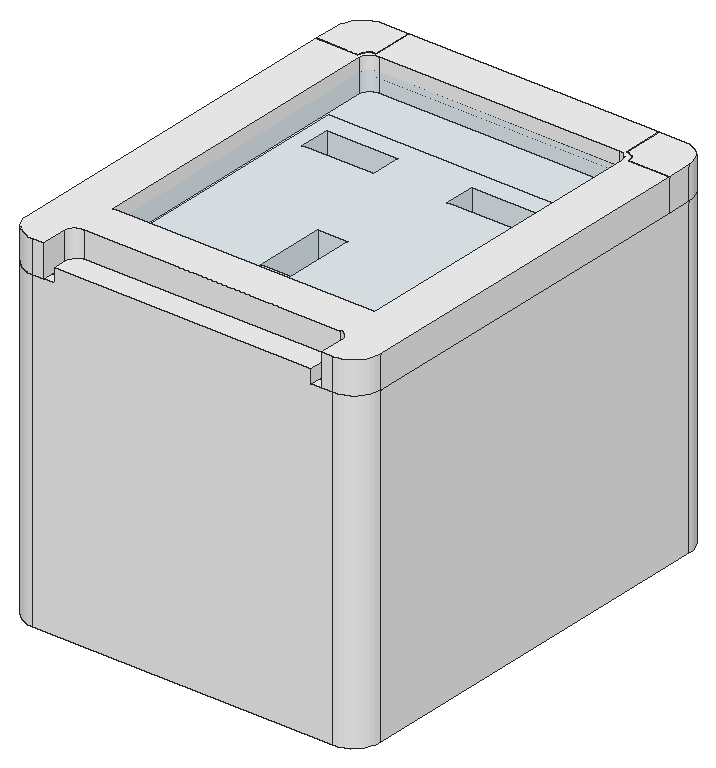
Revit family "Domotics-SerieCivili-GEWISS-27COMBI_SYSTEM-IP55_PRESA_ENG", category Apparecchi elettrici, host Superficie, Revit 2016
Family settings
  Host = Superficie
  Mantenere orientamento annotazione = Sì
  Tipo di parte = Normale
  Quota connettore circolare = Usa diametro
  Taglio con vuoti quando caricato = No
  Condiviso = No
  Punto di calcolo locali = Sì
Parameters (values of type "GW27843 - Presa standard Inglese 2P+T 13A stagna")
  Volt = 230 V
  Viti coperchio = "Acciaio inox"
  Vista in pianta [instance] = yes
  Versione file RFA = "19.4"
  URL = "https://www.gewiss.com/it/it"
  Tipo sfondabili = "Asportabili con utensile"
  Tipo portella = "Con membrana"
  Termopressione con biglia = "70 °C"
  Tensione: = "250 V ac"
  Tensione = "250 V ac"
  Temperatura di installazione = "-25 +60 °C"
  TXT ELETTRICO = "13"
  Sportellino chiuso [instance] = yes
  Simbolo [instance] = yes
  Scheda Tecnica = "https://www.gewiss.com/it/it/search?q=GW27843"
  SEO = "Contenitore"
  Default Elevation = 1219.2 mm
  Produttore = "GEWISS S.p.A."
  Norma di riferimento: = "IEC 60884-1"
  Norma di riferimento = "IEC 60884-1"
  N. poli = 1
  N. fori Ã˜ 23 sfondabili: = "Laterali 3 / Sul fondo 1"
  N. fori Ã˜ 23 con passacavo = "1"
  Modello = "GW27843"
  Immagine tipo = GW27843.jpg
  IFC.TypeObject = ""
  IFC.ExportType = ""
  IFC.ExportAs = ""
  IDT = "60c39923-65d6-4e4a-9c99-547b867a970b"
  IDF = "dccb1a28-e8eb-40d1-82c0-312c95744f29"
  Grado di protezione = "IP55"
  Glow Wire Test = "650°C"
  Distanza_x [instance] = 0 mm
  Distanza_effettiva_y [instance] = 100 mm
  Distanza_effettiva_x [instance] = 1000 mm - Distanza_x  # 1000 mm
  Distanza orizzontale del simbolo [instance] = 177.816 mm
  Distanza dal muro [instance] = 4.208 mm
  Dim. esterne BxHxP (mm) = "66x82x65"
  Descrizione: = "Presa 2P+T - 13 A"
  Descrizione = "PRESA STD ING.2P+T 13A STAGNA"
  Creato da GEWISS S.p.A. = ""
  Coppia serraggio viti = "0,8NM"
  Colore portella = "Trasparente"
  Colore = "Grigio RAL 7035"
  Codice Electrocod = "0131"
  Codice EAN = "8011564074620"
  Classe isolamento = "II"
  Catalogo Serie = "27COMBI"
  Catalogo = "DOMOTICS"
  Carico apparente = 0 VA
  Caratteristiche = "Standard Inglese"
  COBie.Tagnumber = ""
  COBie.CreatedOn = ""
  COBie.CreatebBy = ""
  COBie.ComponentRegisterItemID = ""
  COBie.Component.TagNumber = ""
  COBie.Component.Space = ""
  COBie.Component.SerialNumber = ""
  COBie.Component.InstallationDate = ""
  COBie.Component.Description = ""
  COBie.Component.BarCode = ""
Reference planes
  plane 1 "Centro (Fronte/Retro)": y = 0
  plane 2: z = 0
  plane 3 "Centro (Sinistra/Destra)": x = 0
  plane 4: x = -1000
  plane 5: x = 0
  plane 6: y = 100
Lines and regions (mm)
  Masking region 1, visible <- "Vista in pianta"
    outline origin (0, 0, 0) x (1, 0, 0) y (0, 0, 1)
      loop
        line (-33, 65) -> (-33, 0) -> (33, 0) -> (33, 65) -> (-33, 65)
  Masking region 2, visible <- "Vista in pianta"
    outline origin (0, 0, 0) x (0, 1, 0) y (0, 0, 1)
      loop
        line (-41, 65) -> (-41, 0) -> (41, 0) -> (41, 65) -> (-41, 65)
  Masking region 3, visible <- "Vista in pianta"
    outline origin (0, 0, 0) x (1, 0, 0) y (0, 1, 0)
      loop
        arc (-28, 41) -> (-31.536, 39.536) -> (-33, 36) r 5
        line (-33, 36) -> (-33, -36)
        arc (-33, -36) -> (-31.536, -39.536) -> (-28, -41) r 5
        line (-28, -41) -> (28, -41)
        arc (28, -41) -> (31.536, -39.536) -> (33, -36) r 5
        line (33, -36) -> (33, 36)
        arc (33, 36) -> (31.536, 39.536) -> (28, 41) r 5
        line (28, 41) -> (-28, 41)
      loop
        line (-31, 36) -> (-31, -36)
        arc (-31, -36) -> (-30.121, -38.121) -> (-28, -39) r 3
        line (-28, -39) -> (28, -39)
        arc (28, -39) -> (30.121, -38.121) -> (31, -36) r 3
        line (31, -36) -> (31, 36)
        arc (31, 36) -> (30.121, 38.121) -> (28, 39) r 3
        line (28, 39) -> (-28, 39)
        arc (-28, 39) -> (-30.121, 38.121) -> (-31, 36) r 3
      loop
        line (-24.5, -26.752) -> (24.5, -26.752) -> (24.5, 30.828)
        arc (24.5, 30.828) -> (23.914, 32.242) -> (22.5, 32.828) r 2
        line (22.5, 32.828) -> (-22.5, 32.828)
        arc (-22.5, 32.828) -> (-23.914, 32.242) -> (-24.5, 30.828) r 2
        line (-24.5, 30.828) -> (-24.5, -26.752)
      loop
        line (-22.927, -23.285) -> (23.073, -23.285) -> (23.073, 21.715) -> (-22.927, 21.715) -> (-22.927, -23.285)
      loop
        line (20.264, 17.77) -> (6.979, 17.77) -> (6.979, 12.06) -> (20.264, 12.06) -> (20.264, 17.77)
      loop
        line (-6.832, 12.06) -> (-6.832, 17.77) -> (-20.117, 17.77) -> (-20.117, 12.06) -> (-6.832, 12.06)
      loop
        line (2.928, -6.048) -> (-2.781, -6.048) -> (-2.781, -19.333) -> (2.928, -19.333) -> (2.928, -6.048)
      loop
        line (-25.996, -36.247) -> (-25.996, -38.623) -> (25.996, -38.623) -> (25.996, -36.247)
        arc (25.996, -36.247) -> (25.41, -34.833) -> (23.996, -34.247) r 2
        line (23.996, -34.247) -> (-23.996, -34.247)
        arc (-23.996, -34.247) -> (-25.41, -34.833) -> (-25.996, -36.247) r 2
      loop
        arc (23.996, -38.247) -> (23.41, -36.833) -> (21.996, -36.247) r 2
        line (21.996, -36.247) -> (-21.996, -36.247)
        arc (-21.996, -36.247) -> (-23.41, -36.833) -> (-23.996, -38.247) r 2
        line (-23.996, -38.247) -> (23.996, -38.247)
Dimensions and locks
  plane 4 to plane 3 "Centro (Sinistra/Destra)" = 1000 mm
  "Distanza_effettiva_x": plane 4 to plane 5
  "Distanza_effettiva_y": plane 6 to plane 1 "Centro (Fronte/Retro)"
  aligned and locked: plane 2 to host face
  aligned and locked: level to host face
  aligned and locked: plane 3 "Centro (Sinistra/Destra)" to nested 1
  aligned and locked: plane 1 "Centro (Fronte/Retro)" to nested 1
  aligned and locked: plane 5 to nested 2
  aligned and locked: nested 2 to plane 6
  aligned and locked: Masking region 1 sketch curve to nested 1  (x4)
  aligned and locked: Masking region 2 sketch curve to nested 1  (x4)
Automatic sketch dimensions
  host sketch curve to host sketch curve = 2438.4 mm  (x2)
  Masking region 3 sketch curve to Masking region 3 sketch curve = 0 mm  (x8)
  Masking region 3 sketch curve to plane 3 "Centro (Sinistra/Destra)" = 33 mm
  Masking region 3 sketch curve to Masking region 3 sketch curve = 2 mm  (x6)
  Masking region 3 sketch curve to Masking region 3 sketch curve = 3 mm  (x3)
  Masking region 3 sketch curve to Masking region 3 sketch curve = 2.004 mm
  Masking region 3 sketch curve to Masking region 3 sketch curve = 3.5 mm
  Masking region 3 sketch curve to Masking region 3 sketch curve = 1.573 mm
  Masking region 3 sketch curve to Masking region 3 sketch curve = 2.81 mm
  Masking region 3 sketch curve to plane 3 "Centro (Sinistra/Destra)" = 6.832 mm
  Masking region 3 sketch curve to plane 3 "Centro (Sinistra/Destra)" = 2.781 mm
  plane 3 "Centro (Sinistra/Destra)" to Masking region 3 sketch curve = 2.928 mm
  plane 3 "Centro (Sinistra/Destra)" to Masking region 3 sketch curve = 6.979 mm
  Masking region 3 sketch curve to Masking region 3 sketch curve = 13.285 mm
  plane 3 "Centro (Sinistra/Destra)" to Masking region 3 sketch curve = 21.996 mm
  Masking region 3 sketch curve to Masking region 3 sketch curve = 2.236 mm
  Masking region 3 sketch curve to Masking region 3 sketch curve = 1.078 mm
  Masking region 3 sketch curve to Masking region 3 sketch curve = 1.427 mm
  Masking region 3 sketch curve to Masking region 3 sketch curve = 4.004 mm
  Masking region 3 sketch curve to Masking region 3 sketch curve = 5.5 mm
  plane 1 "Centro (Fronte/Retro)" to Masking region 3 sketch curve = 41 mm
  Masking region 3 sketch curve to Masking region 3 sketch curve = 0.377 mm  (x2)
  Masking region 3 sketch curve to Masking region 3 sketch curve = 0.247 mm
  Masking region 3 sketch curve to Masking region 3 sketch curve = 7.495 mm
  Masking region 3 sketch curve to Masking region 3 sketch curve = 3.466 mm
  plane 1 "Centro (Fronte/Retro)" to Masking region 3 sketch curve = 19.333 mm
  plane 1 "Centro (Fronte/Retro)" to Masking region 3 sketch curve = 6.048 mm
  Masking region 3 sketch curve to plane 1 "Centro (Fronte/Retro)" = 12.06 mm  (x2)
  Masking region 3 sketch curve to Masking region 3 sketch curve = 5.709 mm  (x2)
  Masking region 3 sketch curve to Masking region 3 sketch curve = 3.945 mm
  Masking region 3 sketch curve to Masking region 3 sketch curve = 9.114 mm
  Masking region 3 sketch curve to Masking region 3 sketch curve = 5.172 mm
Nested families
  nested 1: "System Contenitori IP55 Compl Prese Eng_GENERICO" at (0, 0, 0), Sportellino Chiuso <- "Sportellino chiuso", type "GW27843 Presa standard Inglese 2P+T 13A stagna"
    with Sportellino Chiuso yes, Sportellino Aperto no
  nested 2: "SIMBOLO PRESE" at (0, 100, 0), TESTO ELETTRICO <- "TXT ELETTRICO", Distanza dal muro <- "Distanza dal muro", SIMBOLO <- "Simbolo", visible <- "Simbolo", type "PRESA"
    with TESTO ELETTRICO "13", SIMBOLO yes, Distanza dal muro 4.208 mm, BORDO ACCESO yes
Connectors
  electrical at (0, 0, 0), driven by "N. poli", driven by "Volt", driven by "Carico apparente"
    settings: on nested 1, index 1, voltage 230 V, apparent load 0 VA, apparent load phase1 0 VA, apparent load phase2 0 VA, apparent load phase3 0 VA, power factor 1, load classification "Altro", number of poles 1, system type 31, power factor state 1, is connector primary yes, connector utility no, sub classification motor no, connector description ""
Definition of nested family "System Contenitori IP55 Compl Prese Eng_GENERICO"
  Parameters (values of type "GW27843 Presa standard Inglese 2P+T 13A stagna")
    Vetro Sportello = none
    Sportellino Chiuso [instance] = yes
    Sportellino Aperto [instance] = not(Sportellino Chiuso)  # no
    Profondità = 32 mm
    Lunghezza = 82 mm
    Larghezza = 66 mm
    Contenitore = none
    Altezza da terra = 750 mm
  Reference planes
    plane 1 "Centro (Fronte/Retro)": y = 0
    plane 2: z = 0
    plane 3 "Centro (Sinistra/Destra)": x = 0
    plane 4: y = -41
    plane 5: y = 41
    plane 6: y = -26.752
    plane 7: y = 36
    plane 8: y = 38.225
    plane 9 "Lato Superiore Vetro Aperto": y = 38.725
    plane 10: z = 65
    plane 11: z = 65
    plane 12: z = 59
    plane 13: z = 52.707
    plane 14: z = 62.604
    plane 15: z = 61.5
    plane 16: z = 60
  Forms (mm)
    Extrusion 1, solid, material <- "Contenitore"
      sketch origin (0, -10.785, 27) x (1, 0, 0) y (0, 1, 0)
        loop
          arc (-28, 51.785) -> (-31.536, 50.321) -> (-33, 46.785) r 5
          line (-33, 46.785) -> (-33, -25.215)
          arc (-33, -25.215) -> (-31.536, -28.75) -> (-28, -30.215) r 5
          line (-28, -30.215) -> (28, -30.215)
          arc (28, -30.215) -> (31.536, -28.75) -> (33, -25.215) r 5
          line (33, -25.215) -> (33, 46.785)
          arc (33, 46.785) -> (31.536, 50.321) -> (28, 51.785) r 5
          line (28, 51.785) -> (-28, 51.785)
        loop
          arc (-31, -25.215) -> (-30.121, -27.336) -> (-28, -28.215) r 3
          line (-28, -28.215) -> (28, -28.215)
          arc (28, -28.215) -> (30.121, -27.336) -> (31, -25.215) r 3
          line (31, -25.215) -> (31, 46.785)
          arc (31, 46.785) -> (30.121, 48.907) -> (28, 49.785) r 3
          line (28, 49.785) -> (-28, 49.785)
          arc (-28, 49.785) -> (-30.121, 48.907) -> (-31, 46.785) r 3
          line (-31, 46.785) -> (-31, -25.215)
      from 32 to -27
    Extrusion 2, solid, material <- "Contenitore", visible <- "Sportellino Chiuso", detail levels fine
      sketch origin (0, -10.785, 27) x (1, 0, 0) y (0, 1, 0)
        loop
          line (-23.414, 51.785) -> (-23.414, 44.201)
          arc (-23.414, 44.201) -> (-24.751, 43.647) -> (-25.304, 42.31) r 1.89
          line (-25.304, 42.31) -> (-33, 42.31) -> (-33, -25.215)
          arc (-33, -25.215) -> (-31.536, -28.75) -> (-28, -30.215) r 5
          line (-28, -30.215) -> (-25.996, -30.215) -> (-25.996, -25.461)
          arc (-25.996, -25.461) -> (-25.41, -24.047) -> (-23.996, -23.461) r 2
          line (-23.996, -23.461) -> (23.996, -23.461)
          arc (23.996, -23.461) -> (25.41, -24.047) -> (25.996, -25.461) r 2
          line (25.996, -25.461) -> (25.996, -30.215) -> (28, -30.215)
          arc (28, -30.215) -> (31.536, -28.75) -> (33, -25.215) r 5
          line (33, -25.215) -> (33, 42.31) -> (25.304, 42.31)
          arc (25.304, 42.31) -> (24.751, 43.647) -> (23.414, 44.201) r 1.89
          line (23.414, 44.201) -> (23.414, 51.785) -> (-23.414, 51.785)
        loop
          arc (-22.5, 43.614) -> (-23.914, 43.028) -> (-24.5, 41.614) r 2
          line (-24.5, 41.614) -> (-24.5, -15.966) -> (24.5, -15.966) -> (24.5, 41.614)
          arc (24.5, 41.614) -> (23.914, 43.028) -> (22.5, 43.614) r 2
          line (22.5, 43.614) -> (-22.5, 43.614)
      from 38 to 32
    Extrusion 3, solid, material <- "Contenitore"
      sketch origin (0, -10.785, 27) x (1, 0, 0) y (0, 1, 0)
        loop
          line (-23.996, -30.215) -> (23.996, -30.215) -> (23.996, -27.461)
          arc (23.996, -27.461) -> (23.41, -26.047) -> (21.996, -25.461) r 2
          line (21.996, -25.461) -> (-21.996, -25.461)
          arc (-21.996, -25.461) -> (-23.41, -26.047) -> (-23.996, -27.461) r 2
          line (-23.996, -27.461) -> (-23.996, -30.215)
      from 32 to 34.5
    Extrusion 4, solid, material <- "Vetro Sportello", visible <- "Sportellino Chiuso"
      sketch origin (0, -10.785, 29.5) x (1, 0, 0) y (0, 1, 0)
        loop
          arc (-22.5, 43.614) -> (-23.914, 43.028) -> (-24.5, 41.614) r 2
          line (-24.5, 41.614) -> (-24.5, -15.966) -> (24.5, -15.966) -> (24.5, 41.614)
          arc (24.5, 41.614) -> (23.914, 43.028) -> (22.5, 43.614) r 2
          line (22.5, 43.614) -> (-22.5, 43.614)
      from 32 to 33.104
    Extrusion 5, solid, material <- "Contenitore", detail levels fine
      sketch origin (0, -10.785, 27) x (1, 0, 0) y (0, 1, 0)
        loop
          arc (-28, 51.785) -> (-31.536, 50.321) -> (-33, 46.785) r 5
          line (-33, 46.785) -> (-33, 42.31) -> (-25.304, 42.31)
          arc (-25.304, 42.31) -> (-24.751, 43.647) -> (-23.414, 44.201) r 1.89
          line (-23.414, 44.201) -> (-23.414, 51.785) -> (-28, 51.785)
      from 32 to 38
    Extrusion 6, solid, material <- "Contenitore", detail levels fine
      sketch origin (0, -10.785, 27) x (1, 0, 0) y (0, 1, 0)
        loop
          line (23.414, 51.785) -> (23.414, 44.201)
          arc (23.414, 44.201) -> (24.751, 43.647) -> (25.304, 42.31) r 1.89
          line (25.304, 42.31) -> (33, 42.31) -> (33, 46.785)
          arc (33, 46.785) -> (31.536, 50.321) -> (28, 51.785) r 5
          line (28, 51.785) -> (23.414, 51.785)
      from 32 to 38
    Extrusion 7, solid, material <- "Contenitore", visible <- "Sportellino Aperto", detail levels fine
      sketch origin (0, -791, 59) x (1, 0, 0) y (0, 0, -1)
        loop
          line (-23.414, 0) -> (-23.414, -7.585)
          arc (-23.414, -7.585) -> (-24.751, -8.139) -> (-25.304, -9.475) r 1.89
          line (-25.304, -9.475) -> (-33, -9.475) -> (-33, -77)
          arc (-33, -77) -> (-31.536, -80.536) -> (-28, -82) r 5
          line (-28, -82) -> (-25.996, -82) -> (-25.996, -77.697)
          arc (-25.996, -77.697) -> (-25.278, -75.964) -> (-23.545, -75.247) r 2.45
          line (-23.545, -75.247) -> (23.496, -75.247)
          arc (23.496, -75.247) -> (25.264, -75.979) -> (25.996, -77.747) r 2.5
          line (25.996, -77.747) -> (25.996, -82) -> (28, -82)
          arc (28, -82) -> (31.536, -80.536) -> (33, -77) r 5
          line (33, -77) -> (33, -9.475) -> (25.304, -9.475)
          arc (25.304, -9.475) -> (24.751, -8.139) -> (23.414, -7.585) r 1.89
          line (23.414, -7.585) -> (23.414, 0) -> (-23.414, 0)
        loop
          arc (-20.971, -14.5) -> (-22.406, -15.094) -> (-23, -16.529) r 2.029
          line (-23, -16.529) -> (-23, -64.5) -> (23, -64.5) -> (23, -16.473)
          arc (23, -16.473) -> (22.422, -15.078) -> (21.027, -14.5) r 1.973
          line (21.027, -14.5) -> (-20.971, -14.5)
      from 827 to 832
    Extrusion 8, solid, material <- "Contenitore"
      sketch origin (0, -10.785, 0) x (1, 0, 0) y (0, 1, 0)
        loop
          arc (31, 46.785) -> (30.121, 48.907) -> (28, 49.785) r 3
          line (28, 49.785) -> (-28, 49.785)
          arc (-28, 49.785) -> (-30.121, 48.907) -> (-31, 46.785) r 3
          line (-31, 46.785) -> (-31, -25.215)
          arc (-31, -25.215) -> (-30.121, -27.336) -> (-28, -28.215) r 3
          line (-28, -28.215) -> (28, -28.215)
          arc (28, -28.215) -> (30.121, -27.336) -> (31, -25.215) r 3
          line (31, -25.215) -> (31, 46.785)
        loop
          line (-22.927, 32.5) -> (-22.927, -12.5) -> (23.073, -12.5) -> (23.073, 32.5) -> (-22.927, 32.5)
      from 59 to 52.707
    Extrusion 9, solid, material <- "Contenitore"
      sketch origin (0, -10.785, 0) x (1, 0, 0) y (0, 1, 0)
        loop
          line (-22.927, 32.5) -> (-22.927, -12.5) -> (23.073, -12.5) -> (23.073, 32.5) -> (-22.927, 32.5)
      from 60 to 52.707
    Extrusion 10, void, detail levels fine
      sketch origin (0, 0, 0) x (1, 0, 0) y (0, 1, 0)
        loop
          line (-20.117, 17.77) -> (-20.117, 12.06) -> (-6.832, 12.06) -> (-6.832, 17.77) -> (-20.117, 17.77)
        loop
          line (6.979, 17.77) -> (6.979, 12.06) -> (20.264, 12.06) -> (20.264, 17.77) -> (6.979, 17.77)
        loop
          line (-2.781, -6.048) -> (-2.781, -19.333) -> (2.928, -19.333) -> (2.928, -6.048) -> (-2.781, -6.048)
      from 0 to 60
  Cuts and joins
    joined: Extrusion 1, Extrusion 3
    Extrusion 10 cuts Extrusion 4
    Extrusion 10 cuts Extrusion 9
  Lines and regions (mm)
    model lines, detail levels fine
      curve 1: line (-20.117, 17.77, 60) -> (-20.117, 12.06, 60)
      curve 2: line (-20.117, 12.06, 60) -> (-6.832, 12.06, 60)
      curve 3: line (-6.832, 12.06, 60) -> (-6.832, 17.77, 60)
      curve 4: line (-6.832, 17.77, 60) -> (-20.117, 17.77, 60)
      curve 5: line (20.264, 17.77, 60) -> (20.264, 12.06, 60)
      curve 6: line (20.264, 12.06, 60) -> (6.979, 12.06, 60)
      curve 7: line (6.979, 12.06, 60) -> (6.979, 17.77, 60)
      curve 8: line (6.979, 17.77, 60) -> (20.264, 17.77, 60)
      curve 9: line (2.928, -6.048, 60) -> (-2.781, -6.048, 60)
      curve 10: line (-2.781, -6.048, 60) -> (-2.781, -19.333, 60)
      curve 11: line (-2.781, -19.333, 60) -> (2.928, -19.333, 60)
      curve 12: line (2.928, -19.333, 60) -> (2.928, -6.048, 60)
  Dimensions and locks
    locked: plane 10 to plane 2 at 65
    plane 11 to plane 12 to plane 13 = 6 mm locked, 6.293 mm locked
    plane 11 to plane 14 to plane 15 = 2.396 mm locked, 1.104 mm locked
    aligned and locked: level to plane 2
    aligned and locked: Extrusion 7 to plane 5
    aligned and locked: Extrusion 7 to plane 7
    aligned and locked: cut or joined group of Extrusion 1, Extrusion 3 to plane 2
    aligned and locked: Extrusion 2 to Extrusion 5
    aligned and locked: plane 12 to cut or joined group of Extrusion 1, Extrusion 3
    aligned and locked: plane 11 to Extrusion 2
    aligned and locked: Extrusion 6 to Extrusion 2
    aligned and locked: plane 14 to Extrusion 4
    aligned and locked: plane 15 to Extrusion 4
    aligned and locked: Extrusion 3 to Extrusion 1
    aligned and locked: plane 16 to Extrusion 9
    aligned and locked: Extrusion 8 to cut or joined group of Extrusion 1, Extrusion 3
    aligned and locked: Extrusion 2 to cut or joined group of Extrusion 1, Extrusion 3
    aligned and locked: Extrusion 2 to Extrusion 6
Definition of nested family "SIMBOLO PRESE"
  Parameters (values of type "PRESA")
    TESTO ELETTRICO [instance] = "TXT"
    Simbolo = SIMBOLO PRESE_BASE : PRESA
    SIMBOLO [instance] = yes
    Distanza dal muro [instance] = 4.208 mm
    BORDO ACCESO [instance] = yes
  Reference planes
    plane 1: y = 0
    plane 2: x = 0
  Dimensions and locks
    aligned and locked: plane 1 to nested 1
    aligned and locked: plane 2 to nested 1
  Nested families
    nested 1: "SIMBOLO PRESE_BASE" at (0, 0, 0), type <- "Simbolo", TESTO ELETTRICO <- "TESTO ELETTRICO", BORDO ACCESO <- "BORDO ACCESO", visible <- "SIMBOLO", type "PRESA"
      with TESTO ELETTRICO "TXT", BORDO ACCESO yes
  Definition of nested family "SIMBOLO PRESE_BASE"
    Parameters (values of type "PRESA")
      TESTO ELETTRICO [instance] = "TXT"
      Distanza dal muro = 4.208 mm
      BORDO ACCESO [instance] = yes
    Reference planes
      plane 1: y = 0
      plane 2: x = 0
    Lines and regions (mm)
      detail lines, visible <- "BORDO ACCESO", not visible
        curve 1: line (-1.743, 9.208, 0) -> (2.057, 9.208, 0)
        curve 2: line (2.057, 9.208, 0) -> (2.057, 4.208, 0)
        curve 3: line (2.057, 4.208, 0) -> (-1.743, 4.208, 0)
        curve 4: line (-1.743, 4.208, 0) -> (-1.743, 9.208, 0)
        curve 5: line (-1.543, 9.008, 0) -> (1.857, 9.008, 0)
        curve 6: line (1.857, 9.008, 0) -> (1.857, 4.408, 0)
        curve 7: line (1.857, 4.408, 0) -> (-1.543, 4.408, 0)
        curve 8: line (-1.543, 4.408, 0) -> (-1.543, 9.008, 0)
      detail lines
        curve 9: line (0.783, 1.133, 0) -> (-0.783, 1.133, 0)
        curve 10: line (0, 1.133, 0) -> (0, 0.349, 0)
        curve 11: arc (-0.783, 1.916, 0) -> (0, 1.133, 0) -> (0.783, 1.916, 0) r 0.783
    Text (mm)
      label "TXT" at (0.016, 1.578, 0), shows "TESTO ELETTRICO"
